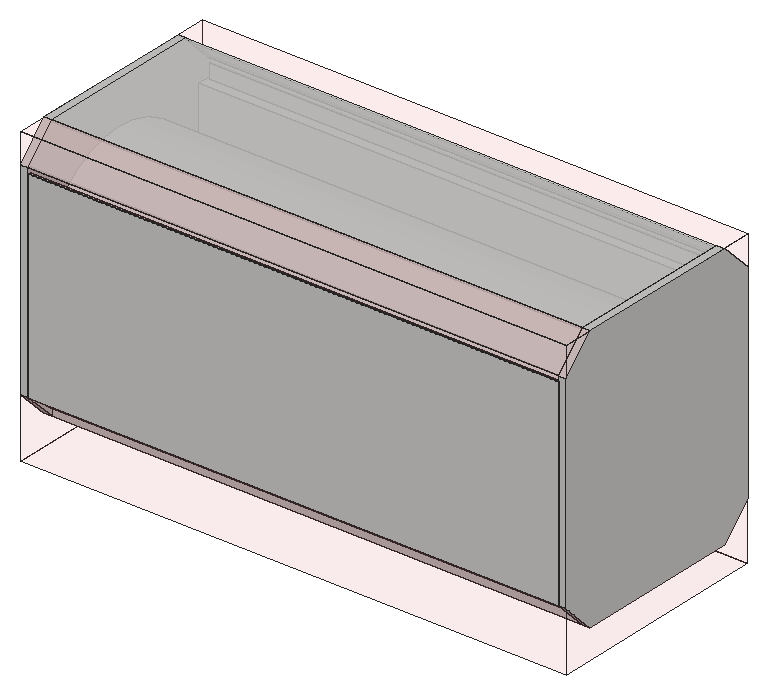
Revit family "Air-Curtain_Customer-Entry_PoweredAire_CED", category Mechanical Equipment, host Face, Revit 2017
Family settings
  Host = Face
  Round Connector Dimension = Use Diameter
  Part Type = Normal
  OmniClass Number = 23.75.35.17.21
  OmniClass Title = Air Curtains
  Cut with Voids When Loaded = No
  Shared = No
  Room Calculation Point = No
Parameters
  Warranty Duration (Years) = 0
  Unit Width Notes = "Other Widths available."  # constant formula
  Unit Width = 3' - 0"
  Unit Weight = 0
  Unit Height = 1' - 3"
  Unit Depth = 1' - 5 1/2"
  URL = "http://www.poweredaire.com/"
  Test Data = ""
  Temperature Rise_Range = "as Specified"
  Standards Conformance = "as Specified"
  Specification = "http://www.arcat.com/sdspecs/htm04/23_34_33pai.htm"
  SpecWizard = ""
  Sound Pressure = "as Specified"
  Sales Information = "http://www.poweredaire.com/contact_us"
  Revision = "R1_2016-08"
  Projection from Host [instance] = 0' - 2"
  Product Properties = ""
  Product Data = "http://www.arcat.com/arcatcos/cos47/arc47623.html"
  Power Rating = 0 W
  Outlet Volume_Range = "as Specified"
  Outlet Velocity_Range = "as Specified"
  Nozzle Width = if(1 = 1, Unit Width - 0' 1", 0' 0")  # 2' - 11"
  Mounting Width = if(1 = 1, Unit Width - 0' 0 15/16", 0' 0")  # 2' - 11 1/16"
  Mounting Height [instance] = 3' - 6"
  Motor RPM = 0
  Motor HP = 0
  Motor Count = 0
  Model = "As Specified"
  Max Height = 0' - 0"
  Manufacturer Website = "http://www.poweredaire.com/"
  Manufacturer Phone - Toll Free = "888-321-2473"
  Manufacturer Phone = "724-588-3305"
  Manufacturer Fax = "724-588-3371"
  Manufacturer Address = "109 Mortensen Rd.  Greenville, PA 16125"
  Manufacturer = "Powered Aire, Inc"
  Maintenance Schedule (Months) = 0
  Keynote = "23 34 33"
  Installation-Fabrication = ""
  Installation Phase = ""
  Include Clearance [instance] = yes
  Heating Element Load = 0 W
  HVAC_Temperature Rise [instance] = 0 °F
  HVAC_Outlet Volume [instance] = 0 CFM
  HVAC_Outlet Velocity Uniformity = 0
  HVAC_Outlet Velocity [instance] = 0 FPM
  Green Building-LEED = "http://www.arcat.com/green/clients/leed_data_47623.html"
  Front Grating Material [instance] = Metal - Steel - PoweredAire - Stainless 304 Perforated
  Frame Finish [instance] = Metal - Steel - PoweredAire - Stainless 304
  Expected Lifespan (Years) = 0
  Electrical_Wattage [instance] = Power Rating + Heating Element Load  # 0 W
  Electrical_Voltage [instance] = 0 V
  Electrical_Phase [instance] = 1
  Electrical_Frequency [instance] = 0 Hz
  Electrical_Amperage [instance] = 0 A
  Drawn By = "Sumex Design, Inc. / Robert S. Weygant, CSI, CDT, SCIP"
  Description = "Powered Aire Air Curtain as Specified"
  Default Elevation = 0' - 0"  # constant formula
  Copyright = "©Arcat Inc."
  Construction Details = "http://www.arcat.com/details/powair/prod3336.html"
  Clearance_Top [instance] = 0' - 0"
  Clearance_Side B [instance] = 0' - 0"
  Clearance_Side A [instance] = 0' - 0"
  Clearance_Intake [instance] = 0' - 0"
  Clearance_Bottom [instance] = 0' - 0"
  Clearance Material [instance] = ARCAT Clearance
  Building Codes = ""
  Available Options [instance] = "as Specified"
  Assembly Code = "D3090400"
Reference planes (in)
  plane 1 "Center (Elevation)": y = 0.13818
  plane 2: z = 0
  plane 3 "Center (Left/Right)": x = 0
  plane 4: y = 7.63818
  plane 5: y = -7.36182
  plane 6: x = -18
  plane 7: x = 18
  plane 8: z = 19.5
  plane 9 "FF": y = -41.86182
  plane 10: z = 2
  plane 11: x = 17.5
  plane 12: x = -17.5
  plane 13: y = 7.63818
  plane 14: y = -7.36182
  plane 15: x = -18
  plane 16: x = 18
  plane 17: z = 19.5
Forms (in)
  Extrusion 1, solid, material "Metal - Steel - PoweredAire - Stainless 304" <- "Frame Finish"
    sketch origin (0, 0, 0) x (0, 1, 0) y (0, 0, 1)
      loop
        line (5.69363, 2) -> (7.63818, 3.94454) -> (7.63818, 17.55546) -> (5.69363, 19.5) -> (-5.41728, 19.5) -> (-7.36182, 17.55546) -> (-7.36182, 3.94454) -> (-5.41728, 2) -> (5.69363, 2)
    from 17.5 to 18
  Extrusion 2, solid, material "Metal - Steel - PoweredAire - Stainless 304" <- "Frame Finish"
    sketch origin (0, 0, -0.5) x (0, 1, 0) y (0, 0, 1)
      loop
        circle (0.13818, 10.9739) r 6.25
      loop
        line (6.63818, 16.89427) -> (6.63818, 5.87829) -> (7.33849, 5.87829) -> (7.33849, 16.89427) -> (6.63818, 16.89427)
      loop
        line (-7.02798, 16.76927) -> (-7.02798, 5.75329) -> (-6.36182, 5.75329) -> (-6.36182, 16.76927) -> (-7.02798, 16.76927)
    from -17.5 to 17.5
  Extrusion 3, solid, material "Metal - Steel - PoweredAire - Stainless 304" <- "Frame Finish"
    sketch origin (0, 0, 0) x (0, 1, 0) y (0, 0, -1)
      loop
        line (5.69363, -2) -> (-5.41728, -2) -> (-7.36182, -3.94454) -> (-7.36182, -17.55546) -> (-5.41728, -19.5) -> (5.69363, -19.5) -> (7.63818, -17.55546) -> (7.63818, -3.94454) -> (5.69363, -2)
    from 17.5 to 18
  Extrusion 4, solid, material "Metal - Steel - PoweredAire - Stainless 304" <- "Frame Finish"
    sketch origin (0, 0, 0) x (0, 1, 0) y (0, 0, 1)
      loop
        line (-5.41728, 2) -> (5.69363, 2) -> (7.63818, 3.94454) -> (7.63818, 17.19454) -> (7.51318, 17.19454) -> (7.51318, 3.99632) -> (5.64186, 2.125) -> (-5.29228, 2.125) -> (-5.29228, 4.06954) -> (-7.23682, 4.06954) -> (-7.23682, 17.19454) -> (-7.36182, 17.19454) -> (-7.36182, 3.94454) -> (-5.41728, 3.94454) -> (-5.41728, 2)
      loop
        line (-6.64819, 3.61034) -> (-5.8702, 2.83235) -> (-5.74472, 2.95783) -> (-6.52271, 3.73583) -> (-6.64819, 3.61034)
    from -17.5 to 17.5
  Extrusion 5, solid, material "Metal - Steel - PoweredAire - Stainless 304 Perforated" <- "Front Grating Material"
    sketch origin (0, 0, 0) x (0, 1, 0) y (0, 0, 1)
      loop
        line (-7.36182, 17.19454) -> (-7.23682, 17.19454) -> (-7.23682, 17.50368) -> (-5.3655, 19.375) -> (5.64186, 19.375) -> (7.51318, 17.50368) -> (7.51318, 17.19454) -> (7.63818, 17.19454) -> (7.63818, 17.55546) -> (5.69363, 19.5) -> (-5.41728, 19.5) -> (-7.36182, 17.55546) -> (-7.36182, 17.19454)
    from -17.5 to 17.5
  Extrusion 6, solid, material "ARCAT Clearance" <- "Clearance Material", visible <- "Include Clearance"
    sketch origin (0, 0, 0) x (0, 1, 0) y (0, 0, 1)
      loop
        line (-7.36182, 19.5) -> (-7.36182, 0) -> (7.63818, 0) -> (7.63818, 19.5) -> (-7.36182, 19.5)
    from -18 to 18
Dimensions and locks (in)
  equal spacing: plane 4, plane 1 "Center (Elevation)", plane 5
  "Unit Height": plane 4 to plane 5
  equal spacing: plane 6, plane 3 "Center (Left/Right)", plane 7
  "Unit Width": plane 6 to plane 7
  "Mounting Height": plane 1 "Center (Elevation)" to plane 9 "FF"
  "Projection from Host": plane 10 to level
  "Unit Depth": plane 8 to plane 10
  locked: plane 6 to plane 12 at 0.5
  locked: plane 11 to plane 7 at 0.5
  "Clearance_Side A": plane 7 to plane 16
  "Clearance_Side B": plane 15 to plane 6
  "Clearance_Top": plane 13 to plane 4
  "Clearance_Bottom": plane 5 to plane 14
  "Clearance_Intake": plane 17 to plane 8
  aligned and locked: plane 2 to host face
  aligned and locked: level to host face
  aligned and locked: plane 7 to Extrusion 1
  aligned and locked: Extrusion 1 to plane 11
  aligned and locked: plane 12 to Extrusion 3
  aligned and locked: Extrusion 3 to plane 6
  aligned and locked: Extrusion 2 to plane 12
  aligned and locked: plane 11 to Extrusion 2
  aligned and locked: plane 11 to Extrusion 4
  aligned and locked: Extrusion 4 to plane 12
  aligned and locked: plane 11 to Extrusion 5
  aligned and locked: Extrusion 5 to plane 12
  aligned and locked: Extrusion 6 sketch curve to plane 17
  aligned and locked: plane 14 to Extrusion 6 sketch curve
  aligned and locked: level to Extrusion 6 sketch curve
  aligned and locked: Extrusion 6 sketch curve to plane 13
  aligned and locked: plane 16 to Extrusion 6
  aligned and locked: Extrusion 6 to plane 15
Automatic sketch dimensions
  host sketch curve to host sketch curve = 8' - 0"  (x2)
  Extrusion 1 sketch curve to plane 5 = 0' - 0"
  Extrusion 1 sketch curve to plane 8 = 0' - 0"
  Extrusion 1 sketch curve to plane 10 = 0' - 0"
  Extrusion 1 sketch curve to plane 4 = 0' - 0"
  plane 5 to Extrusion 1 sketch curve = 0' - 1.94454"  (x2)
  Extrusion 1 sketch curve to plane 4 = 0' - 1.94454"  (x2)
  plane 10 to Extrusion 1 sketch curve = 0' - 1.94454"  (x2)
  Extrusion 1 sketch curve to plane 8 = 0' - 1.94454"  (x2)
  Extrusion 2 sketch curve to plane 1 "Center (Elevation)" = 0' - 0"
  plane 5 to Extrusion 2 sketch curve = 0' - 1"
  plane 5 to Extrusion 2 sketch curve = 0' - 0.33384"
  Extrusion 2 sketch curve to plane 4 = 0' - 1"
  Extrusion 2 sketch curve to plane 4 = 0' - 0.29969"
  plane 10 to Extrusion 2 sketch curve = 0' - 3.37829"
  plane 10 to Extrusion 2 sketch curve = 0' - 3.25329"
  Extrusion 2 sketch curve to plane 8 = 0' - 9.0261"
  Extrusion 2 sketch curve to plane 8 = 0' - 3.23073"
  Extrusion 2 sketch curve to plane 8 = 0' - 3.10573"
  Extrusion 3 sketch curve to plane 5 = 0' - 0"
  Extrusion 3 sketch curve to plane 8 = 0' - 0"
  Extrusion 3 sketch curve to plane 10 = 0' - 0"
  Extrusion 3 sketch curve to plane 4 = 0' - 0"
  plane 5 to Extrusion 3 sketch curve = 0' - 1.94454"  (x2)
  Extrusion 3 sketch curve to plane 4 = 0' - 1.94454"  (x2)
  Extrusion 3 sketch curve to plane 8 = 0' - 1.94454"  (x2)
  plane 10 to Extrusion 3 sketch curve = 0' - 1.94454"  (x2)
  Extrusion 4 sketch curve to plane 5 = 0' - 0"
  Extrusion 4 sketch curve to plane 10 = 0' - 0"
  Extrusion 4 sketch curve to plane 4 = 0' - 0"
  plane 5 to Extrusion 4 sketch curve = 0' - 0 1/8"
  plane 5 to Extrusion 4 sketch curve = 0' - 0.71363"
  Extrusion 4 sketch curve to Extrusion 4 sketch curve = 0' - 0.12548"  (x2)
  Extrusion 4 sketch curve to Extrusion 4 sketch curve = 0' - 0.778"
  Extrusion 4 sketch curve to Extrusion 4 sketch curve = 0' - 0.32744"
  Extrusion 4 sketch curve to Extrusion 4 sketch curve = 0' - 0 1/8"  (x2)
  plane 10 to Extrusion 4 sketch curve = 0' - 0 1/8"
  Extrusion 4 sketch curve to plane 4 = 0' - 1.99632"
  Extrusion 4 sketch curve to Extrusion 4 sketch curve = 0' - 0.05178"  (x2)
  plane 10 to Extrusion 4 sketch curve = 0' - 0.83235"
  plane 10 to Extrusion 4 sketch curve = 0' - 1.94454"
  Extrusion 4 sketch curve to Extrusion 4 sketch curve = 0' - 0.3342"
  Extrusion 4 sketch curve to plane 4 = 0' - 0 1/8"
  Extrusion 4 sketch curve to plane 8 = 0' - 2.30546"  (x2)
  Extrusion 5 sketch curve to plane 5 = 0' - 0"
  Extrusion 5 sketch curve to plane 8 = 0' - 0"
  Extrusion 5 sketch curve to plane 4 = 0' - 0"
  plane 5 to Extrusion 5 sketch curve = 0' - 0 1/8"
  plane 5 to Extrusion 5 sketch curve = 0' - 1.94454"
  Extrusion 5 sketch curve to plane 8 = 0' - 0 1/8"
  Extrusion 5 sketch curve to Extrusion 5 sketch curve = 0' - 0.05178"  (x4)
  Extrusion 5 sketch curve to plane 4 = 0' - 1.99632"
  Extrusion 5 sketch curve to plane 8 = 0' - 1.94454"  (x2)
  Extrusion 5 sketch curve to Extrusion 5 sketch curve = 0' - 0 1/8"
  Extrusion 5 sketch curve to Extrusion 5 sketch curve = 0' - 0.30914"  (x2)
  radius of Extrusion 2 sketch curve = 0' - 6 1/4"
Connectors (in)
  electrical at (0, 7.63818, 10.56954), driven by "Electrical_Phase", driven by "Electrical_Voltage"
    settings: on Extrusion 4, index 1, voltage 0 V, apparent load 0 VA, apparent load phase1 0 VA, apparent load phase2 0 VA, apparent load phase3 0 VA, power factor 1, load classification "Motor", number of poles 1, system type 31, power factor state 1, is connector primary yes, connector utility no, sub classification motor no, connector description ""
